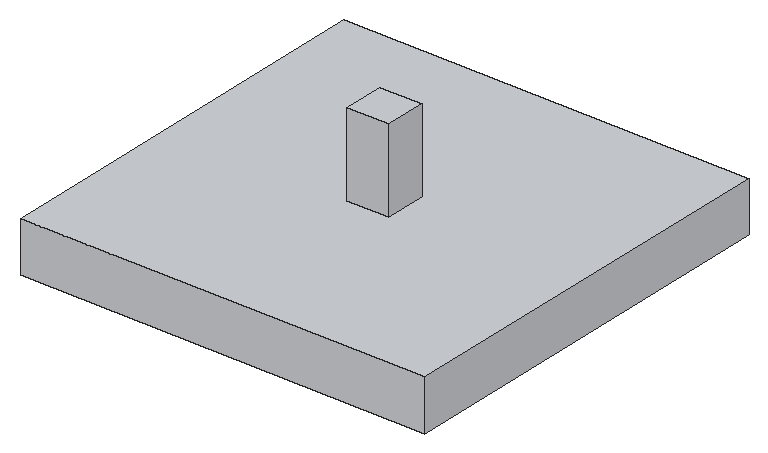
Revit family "Climaver_Straight duct", category Tvarovky potrubí, Revit 2022
Family settings
  Hostitel = Plocha
  Kóta kulaté spojky = Použít průměr
  Typ dílu = Spojení
  Ořezat dutým tvarem při načtení = Ne
  Sdílené = Ne
Parameters (values of type "CLIMAVER Plus R, CLIMAVER A2 Plus")
  TYPE = "Straight duct"  # constant formula
  PANEL THICKNESS = 25 mm
  PANEL AREA [instance] = 2 * (External dimension_Height + External dimension_Widht + 200 mm) * LENGTH  # 0.70 m²
  Installation manual = "https://ssi-climaver.com/assets/pdf/20180924%20climaver_installation_manual_din_a5.pdf"
  External dimension_Widht [instance] = DUCT_WIDTH + 2 * PANEL THICKNESS  # 250 mm
  note_R4 = "Contact climaver team. The table below indicates the types of reinforcement and the distance between each reinforcement."  # constant formula
  note_R3 = "Reinforcement is required. For more information, visit the manufacturer's website. The table below indicates the types of reinforcement and the distance between each reinforcement."  # constant formula
  note_R2 = "At pressures greater than 200 Pa it is necessary to reinforce. For more information, visit the manufacturer's website. The table below indicates the types of reinforcement and the distance between each reinforcement."  # constant formula
  note_R1 = "At pressures greater than 400 Pa it is necessary to reinforce. For more information, visit the manufacturer's website. The table below indicates the types of reinforcement and the distance between each reinforcement."  # constant formula
  Warning note [instance] = if(WAR_Lmax, W_L, "")  # ""
  W_L = "Warning: The fitting must be constructed from more parts."  # constant formula
  WAR_R4 [instance] = or(DUCT_WIDTH > 1500 mm, DUCT_HEIGHT > 1500 mm)  # no
  WAR_R3 [instance] = or(DUCT_WIDTH > 1050 mm, DUCT_HEIGHT > 1050 mm)  # no
  WAR_R2 [instance] = or(DUCT_WIDTH > 900 mm, DUCT_HEIGHT > 900 mm)  # no
  WAR_R1 [instance] = or(DUCT_WIDTH > 600 mm, DUCT_HEIGHT > 600 mm)  # no
  WAR_Lmax [instance] = or(Perimeter > Maximum lenght of panel, LENGTH > Max. panel width)  # no
  External dimension_Height [instance] = DUCT_HEIGHT + 2 * PANEL THICKNESS  # 250 mm
  Výrobce = "Saint-Gobain - Isover"
  Default Elevation = 1219.2 mm
  URL3 = ""
  URL2 = "https://www.isover-technical-insulation.com/products/climaverr-a2-plus"
  URL1 = "https://www.isover-technical-insulation.com/products/climaverr-plus-r"
  URL = "https://www.isover-technical-insulation.com/hvac/climaverr-self-supporting-ducts"
  Reinforcement note [instance] = if(WAR_R4, note_R4, if(WAR_R3, note_R3, if(WAR_R2, note_R2, if(WAR_R1, note_R1, ""))))  # ""
  Popis = "Straight duct"
  Perimeter [instance] = DUCT_HEIGHT * 2 + DUCT_WIDTH * 2 + 200 mm  # 1000 mm
  Model = "CLIMAVER Plus R, CLIMAVER A2 Plus (Fire reaction B-s1, d0; A2-s1, d0, Acoustic absorption 0,30)"
  Maximum lenght of panel = 3000 mm  # constant formula
  Max. panel width = 1190 mm
  LENGTH [instance] = 500 mm
  Komentáře k typům = "Glass wool duct boards for air conditioning, ventilation and heating systems. The system allow to make foursquare duct/duct lines (straight duct, elbow, offset, branch etc.) The panel a high density glass wool duct board and is faced on both sides. The outer facing, a robust aluminum facing, acts as a vapor barrier and ensures that the duct is airtight. The inner facing of the duct may be either a reinforced aluminum facing or a woven glass facing.The pre-insulated, self-supporting duct is designed to offer excellent acoustics, excellent thermal performance and a high level of air-tightness, making the system energy efficient. Application as EN 13403, Airtightness: Thermal conductivity λ = 0,032 [W/(m·K)] for T = 10 °C, Class D, Maximum Static pressure: 800 Pa, Maximum air speed: 18 m/s, Maximum temperature of circulating air: 90°C, Maximum external air temperature 60°C, Minimum temperature: – 30˚C, Dimensional stability: Quantities and measured values : <1 %, Duct assembly: exclusive male/female molded shiplap, Water-vapour diffusion resistence: >140 m².h.Pa/mg (from the facing)."  # constant formula
  DUCT_WIDTH [instance] = 200 mm
  DUCT_HEIGHT [instance] = 200 mm
  COUNT [instance] = roundup(Max. panel width / 1190 mm)  # 1
  COPYRIGHT = "Saint-Gobain - Isover"  # constant formula
Types (4, lengths in mm): name | PANEL THICKNESS | PANEL AREA | External dimension_Widht | External dimension_Height | URL3 | URL2 | URL1 | Model | Max. panel width | COUNT
  CLIMAVER Plus R, CLIMAVER A2 Plus | 25 | 0.70 m² | 250 | 250 | "" | "https://www.isover-technical-insulation.com/products/climaverr-a2-plus" | "https://www.isover-technical-insulation.com/products/climaverr-plus-r" | "CLIMAVER Plus R, CLIMAVER A2 Plus (Fire reaction B-s1, d0; A2-s1, d0, Acoustic absorption 0,30)" | 1190 | 1
  CLIMAVER Neto, CLIMAVER A2 Neto | 25 | 0.70 m² | 250 | 250 | "" | "https://www.isover-technical-insulation.com/products/climaverr-a2-neto" | "https://www.isover-technical-insulation.com/products/climaverr-neto" | "CLIMAVER Neto, CLIMAVER A2 Neto (Fire reaction B-s1, d0; A2-s1, d0, Acoustic absorption 0,85)" | 1190 | 1
  CLIMAVER A2 Deco | 25 | 0.70 m² | 250 | 250 | "" | "" | "https://www.isover-technical-insulation.com/products/climaverr-a2-deco" | "CLIMAVER A2 Deco (Fire behaviour A2-s1, d0, Acoustic absorption 0,85)" | 1190 | 1
  CLIMAVER Apta, A2 Apta, A1 Apta | 40 | 0.76 m² | 280 | 280 | "https://www.isover-technical-insulation.com/products/climaverr-a1-apta" | "https://www.isover-technical-insulation.com/products/climaverr-a2-apta" | "https://www.isover-technical-insulation.com/products/climaverr-apta" | "CLIMAVER Apta, A2 Apta, A1 Apta (Fire reaction B-s1, d0; A2-s1, d0; A1, Acoustic absorption 0,90)" | 1210 | 2
Reference planes
  plane 1 "Střed (vpředu/vzadu)": y = 0
  plane 2: z = 0
  plane 3 "Střed (vlevo/vpravo)": x = 0
  plane 4 "HH": y = 125
  plane 5: y = -125
  plane 6: x = -100
  plane 7: x = 100
  plane 8: z = 500
Forms (mm)
  Extrusion 1, solid
    sketch origin (0, 0, 0) x (1, 0, 0) y (0, 1, 0)
      loop
        line (-1219.2, 1219.2) -> (-1219.2, -1219.2) -> (1219.2, -1219.2) -> (1219.2, 1219.2) -> (-1219.2, 1219.2)
    from 0 to -304.8
  Extrusion 2, solid, detail levels medium+fine
    sketch origin (0, 0, 0) x (1, 0, 0) y (0, 1, 0)
      loop
        line (-125, 125) -> (-125, -125) -> (125, -125) -> (125, 125) -> (-125, 125)
    from 0 to 500 <- "LENGTH"
Lines and regions (mm)
  model lines, style "Climaver_Inner wall of duct", detail levels medium
    curve 1: line (-125, -100, 500) -> (-125, -100, 0)
    curve 2: line (-125, 100, 500) -> (-125, 100, 0)
    curve 3: line (125, -100, 500) -> (125, -100, 0)
    curve 4: line (125, 100, 500) -> (125, 100, 0)
    curve 5: line (-100, -125, 500) -> (-100, -125, 0)
    curve 6: line (100, -125, 500) -> (100, -125, 0)
    curve 7: line (-100, 125, 500) -> (-100, 125, 0)
    curve 8: line (100, 125, 500) -> (100, 125, 0)
Dimensions and locks
  equal spacing: Extrusion 2, plane 3 "Střed (vlevo/vpravo)", Extrusion 2
  equal spacing: Extrusion 2, plane 1 "Střed (vpředu/vzadu)", Extrusion 2
  "External dimension_Widht": Extrusion 2 to Extrusion 2
  "External dimension_Height": Extrusion 2 to Extrusion 2
  equal spacing: plane 5, plane 1 "Střed (vpředu/vzadu)", plane 4 "HH"
  "External dimension_Height": plane 4 "HH" to plane 5
  equal spacing: plane 7, plane 3 "Střed (vlevo/vpravo)", plane 6
  "DUCT_WIDTH": plane 7 to plane 6
  "LENGTH": plane 8 to level
  equal spacing: curve 3, plane 1 "Střed (vpředu/vzadu)", curve 4
  "DUCT_HEIGHT": curve 3 to curve 4
  equal spacing: curve 2, plane 1 "Střed (vpředu/vzadu)", curve 1
  "DUCT_HEIGHT": curve 2 to curve 1
  aligned and locked: plane 2 to Extrusion 1
  aligned and locked: level to Extrusion 1
Automatic sketch dimensions
  Extrusion 1 sketch curve to Extrusion 1 sketch curve = 2438.4 mm  (x2)
  Extrusion 2 sketch curve to plane 3 "Střed (vlevo/vpravo)" = 125 mm
  plane 3 "Střed (vlevo/vpravo)" to Extrusion 2 sketch curve = 125 mm
  plane 1 "Střed (vpředu/vzadu)" to Extrusion 2 sketch curve = 125 mm
  Extrusion 2 sketch curve to plane 1 "Střed (vpředu/vzadu)" = 125 mm
  curve 6 to plane 7 = 0 mm
  curve 5 to level = 0 mm
  curve 5 to plane 6 = 0 mm
  curve 6 to level = 0 mm
  curve 6 to plane 8 = 0 mm
  curve 5 to plane 8 = 0 mm
  curve 8 to plane 7 = 0 mm
  curve 7 to level = 0 mm
  curve 7 to plane 6 = 0 mm
  curve 8 to level = 0 mm
  curve 8 to plane 8 = 0 mm
  curve 7 to plane 8 = 0 mm
  Extrusion 2 to curve 2 = 0 mm
  Extrusion 2 to curve 1 = 0 mm
  curve 2 to Extrusion 2 = 0 mm
  curve 1 to Extrusion 2 = 0 mm
  Extrusion 2 to curve 4 = 0 mm
  Extrusion 2 to curve 3 = 0 mm
  curve 4 to Extrusion 2 = 0 mm
  curve 3 to Extrusion 2 = 0 mm
